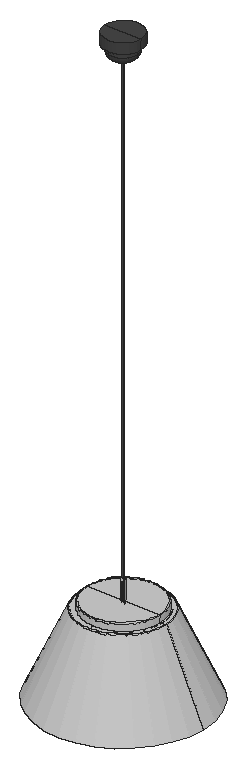
Revit family "Sycamore 12,16,20,24 LED", category Lighting Fixtures, Revit 2020
Family settings
  Round Connector Dimension = Use Diameter
  Part Type = Normal
  OmniClass Number = 23.80.70.00
  OmniClass Title = Lighting
  Work Plane-Based = No
  Always vertical = Yes
  Cut with Voids When Loaded = No
  Light Source = Yes
  Shared = No
  Room Calculation Point = No
Parameters (values of type "MDS24")
  Weight = "6.0 lbs"
  Wattage Comments = "24W"
  Wattage = 2.4 W
  Warranty = "5 year limited warranty"  # constant formula
  built-in parameter 1150110 = 1 (stored number, unit not read)
  Voltage = 277 V
  URL = "https://www.anplighting.com/assets/Uploads/product-attachments/specification-sheets/ANP-Specification-Sheet-LED-MDS24.pdf"
  built-in parameter 1114217 = 1 (stored number, unit not read)
  Tilt Angle = 90.00°
  built-in parameter 1150109 = 1 (stored number, unit not read)
  built-in parameter 1150134 = (empty or 0)
  built-in parameter 1150113 = 1 (stored number, unit not read)
  Mounting Option [instance] = 1
  Power Factor = 1
  Post Mount [instance] = Mounting Option = 5  # no
  Placement X axis side [instance] = if(Post Mount, 2' 2 15/32", if(Cord or Stem Mount, 0' 0", if(E36 20 inch, 1' 8 1/4", if(E 6 26 inch, 2' 2", if(E7 41 inch, 3' 5 1/4", 0' 1")))))  # 0' - 0"
  Photometric Web File = "MDS20M016LD35K.IES"
  Model = "MDS24"
  Manufacturer = "ANP Lighting"  # constant formula
  MDS24 = yes
  MDS20 = no
  MDS16 = no
  MDS12 = no
  built-in parameter 1150105 = 3000 (stored number, unit not read)
  Lumens = 3000 lm
  built-in parameter 1150115 = 1 (stored number, unit not read)
  Load Classification = Lighting
  Light Source Height [instance] = 1' - 2"
  built-in parameter 1150137 = (empty or 0)
  built-in parameter 1150139 = (empty or 0)
  Light Elevation _2 [instance] = if(Post Mount, 0' 0.66142", if(E7 41 inch, 0' 0.66142", if(E36 20 inch, 0' 1.65748", if(E 6 26 inch, 0' 1.53543", if(Cord or Stem Mount, (0' 4.3622" + Cord Length), 0' 0")))))  # 6' - 4.3622"
  Light Elevation _1 [instance] = if(Post Mount, 0' 0", if(E7 41 inch, 0' 0", if(E36 20 inch, 0' 1", if(E 6 26 inch, 0' 0.87402", if(Cord or Stem Mount, (0' 3.66142" + Cord Length), 0' 0")))))  # 6' - 3.66142"
  Light Elevation [instance] = if(Post Mount, 14' 0.5315", if(E7 41 inch, 0' 0", 0' 0"))  # 0' - 0"
  Life = "L70 50,000 hours"  # constant formula
  built-in parameter 1150112 = 1 (stored number, unit not read)
  built-in parameter 1150114 = 1 (stored number, unit not read)
  Lamp = "LED"
  built-in parameter 1150132 = 2
  built-in parameter 1150102 = (empty or 0)
  built-in parameter 1150107 = 3500 (stored number, unit not read)
  built-in parameter 1150138 = (empty or 0)
  built-in parameter 1150106 = 30 (stored number, unit not read)
  GLASS = Glass
  Fixture Height = 1' - 3"
  Fixture Finish = Fixture finish
  Fixture Diameter = 1' - 8"
  Efficiency = "65-125 lumens per watt"  # constant formula
  built-in parameter 1150104 = 116.13 (stored number, unit not read)
  E7 41 inch [instance] = Mounting Option = 4  # no
  E36 20 inch [instance] = Mounting Option = 3  # no
  E 6 26 inch [instance] = Mounting Option = 2  # no
  Dimming Lamp Color Temperature Shift = <None>
  Dimming = "1%"  # constant formula
  Description = "120-277 Voltage"  # constant formula
  Default Elevation = 0' - 0"
  Cord or Stem Mount [instance] = Mounting Option = 1  # yes
  Cord Length option [instance] = 0
  Cord Length [instance] = if([2' Cord], 2' 0", if([4' Cord], 4' 0", if([8' Cord], 8' 0", if([10' Cord], 10' 0", if([6' Cord], 6' 0", 6' 0")))))  # 6' - 0"
  Construction Material = "Heavy Duty spun aluminum."  # constant formula
  Color Filter = 16777215
  CRI = ">90"  # constant formula
  Body Material = body
  Body Colour = "Spun aluminium"  # constant formula
  built-in parameter 1114218 = 1 (stored number, unit not read)
  built-in parameter 1150133 = 10 (stored number, unit not read)
  Apparent Load = 24 VA
  8' Cord [instance] = Cord Length option = 8  # no
  6' Cord [instance] = Cord Length option = 6  # no
  4' Cord [instance] = Cord Length option = 4  # no
  2' Cord [instance] = Cord Length option = 2  # no
  10' Cord [instance] = Cord Length option = 10  # no
Types (5): name | Weight | Wattage Comments | Wattage | URL | Photometric Web File | Model | MDS24 | MDS20 | MDS16 | MDS12 | built-in parameter 1150105 | Lumens | Light Source Height | built-in parameter 1150106 | Fixture Height | Fixture Diameter | Apparent Load
  (no name) | "6.0 lbs" | "24W" | 2.4 W | "https://www.anplighting.com/assets/Uploads/product-attachments/specification-sheets/ANP-Specification-Sheet-LED-MDS24.pdf" | "MDS20M016LD35K.IES" | "MDS24" | yes | no | no | no | 3000 (stored number, unit not read) | 3000 lm | 1' - 2" | 30 (stored number, unit not read) | 1' - 3" | 1' - 8" | 24 VA
  MDS12 | "4.5 lbs" | "10W" | 1 W | "https://www.anplighting.com/assets/Uploads/product-attachments/specification-sheets/ANP-Specification-Sheet-LED-MDS12.pdf" | "MDS12M010LD35K.IES" | "MDS12" | no | no | no | yes | 1250 (stored number, unit not read) | 1250 lm | 0' - 6 3/4" | 12.5 (stored number, unit not read) | 0' - 7 1/2" | 1' - 0" | 10 VA
  MDS16 | "5.0 lbs" | "16W" | 1.6 W | "https://www.anplighting.com/assets/Uploads/product-attachments/specification-sheets/ANP-Specification-Sheet-LED-MDS16.pdf" | "MDS12M010LD35K.IES" | "MDS16" | no | no | yes | no | 2000 (stored number, unit not read) | 2000 lm | 0' - 8 1/4" | 20 (stored number, unit not read) | 0' - 10" | 1' - 4" | 16 VA
  MDS20 | "5.5 lbs" | "16W" | 1.6 W | "https://www.anplighting.com/assets/Uploads/product-attachments/specification-sheets/ANP-Specification-Sheet-LED-MDS20.pdf" | "MDS20M016LD35K.IES" | "MDS20" | no | yes | no | no | 2000 (stored number, unit not read) | 2000 lm | 0' - 11 1/4" | 20 (stored number, unit not read) | 1' - 0 1/2" | 1' - 8" | 16 VA
  MDS24 | "6.0 lbs" | "24W" | 2.4 W | "https://www.anplighting.com/assets/Uploads/product-attachments/specification-sheets/ANP-Specification-Sheet-LED-MDS24.pdf" | "MDS20M016LD35K.IES" | "MDS24" | yes | no | no | no | 3000 (stored number, unit not read) | 3000 lm | 1' - 2" | 30 (stored number, unit not read) | 1' - 3" | 1' - 8" | 24 VA
Reference planes (in)
  plane 1 "Light Source Axis (F/B)": y = 0
  plane 2: z = 0
  plane 3 "Light Source Axis (L/R)": x = 0
  plane 4 "Light Source Elevation": z = 0
  plane 5: z = 0
  plane 6: x = 0
  plane 7 "Bulb Position": z = -76.3622
  plane 8 "Canopy Position": z = -75.66142
  plane 9 "IES": z = -90.3622
Dimensions and locks (in)
  "Light Elevation": plane 5 to plane 2
  "Placement X axis side": plane 6 to plane 3 "Light Source Axis (L/R)"
  "Light Elevation _2": plane 5 to plane 7 "Bulb Position"
  "Light Elevation _1": plane 5 to plane 8 "Canopy Position"
  "Light Source Height": plane 7 "Bulb Position" to plane 9 "IES"
  locked: plane 4 "Light Source Elevation" to plane 2
  aligned and locked: level to plane 2
  aligned and locked: plane 1 "Light Source Axis (F/B)" to nested 5
  aligned and locked: nested 5 to plane 2
  aligned and locked: nested 1 to plane 3 "Light Source Axis (L/R)"
  aligned and locked: plane 3 "Light Source Axis (L/R)" to nested 2
  aligned and locked: plane 3 "Light Source Axis (L/R)" to nested 4
  aligned and locked: nested 3 to plane 5
  aligned and locked: plane 3 "Light Source Axis (L/R)" to nested 3
  aligned and locked: plane 3 "Light Source Axis (L/R)" to nested 5
  aligned and locked: plane 1 "Light Source Axis (F/B)" to nested 2
  aligned and locked: plane 1 "Light Source Axis (F/B)" to nested 1
  aligned and locked: plane 1 "Light Source Axis (F/B)" to nested 4
  aligned and locked: plane 1 "Light Source Axis (F/B)" to nested 3
  aligned and locked: plane 2 to nested 1
  aligned and locked: plane 2 to nested 2
  aligned and locked: nested 4 to plane 2
  aligned and locked: imposter light to plane 9 "IES"
  aligned and locked: imposter light to plane 6
  aligned and locked: nested 6 to plane 8 "Canopy Position"
  aligned and locked: nested 7 to plane 8 "Canopy Position"
  aligned and locked: nested 8 to plane 8 "Canopy Position"
  aligned and locked: nested 9 to plane 8 "Canopy Position"
  aligned and locked: nested 6 to plane 6
  aligned and locked: nested 7 to plane 6
  aligned and locked: nested 8 to plane 6
  aligned and locked: nested 9 to plane 6
Nested families (in)
  nested 1: "CORD OR STEM MOUNT" at (0, 0, -75.67), visible <- "Cord or Stem Mount", Cord or Stem Mount <- "Cord or Stem Mount", Body Material <- "Body Material", Light Elevation <- "Light Elevation", Cord Length <- "Cord Length", 10' Cord <- "10' Cord", 2' Cord <- "2' Cord", 4' Cord <- "4' Cord", 6' Cord <- "6' Cord", 8' Cord <- "8' Cord", type "CORD OR STEM MOUNT"
    with Light Elevation 0' - 0", Cord or Stem Mount yes, Cord Length 6' - 0", Body Material body, 8' Cord no, 6' Cord no, 4' Cord no, 2' Cord no, 10' Cord no
  nested 2: "E6 26 INCH" at (0, 0, 0), visible <- "E 6 26 inch", Chain Length <- "Cord Length", E 6 26 inch <- "E 6 26 inch", Placement X axis side <- "Placement X axis side", Body Material <- "Body Material", Light Elevation <- "Light Elevation", type "E6 26 INCH"
    with Placement X axis side 0' - 0", Light Elevation 0' - 0", E 6 26 inch no, Chain Length 6' - 0", Body Material body
  nested 3: "E7 41 INCH" at (0, 0, 0), Chain Length <- "Cord Length", visible <- "E7 41 inch", E7 41 inch <- "E7 41 inch", Placement X axis side <- "Placement X axis side", Body Material <- "Body Material", Light Elevation <- "Light Elevation", type "E7 41 INCH"
    with Placement X axis side 0' - 0", Light Elevation 0' - 0", E7 41 inch no, Chain Length 6' - 0", Body Material body
  nested 4: "E36 20 INCH" at (0, 0, 0), visible <- "E36 20 inch", E36 20 inch <- "E36 20 inch", Placement X axis side <- "Placement X axis side", Chain Length <- "Cord Length", Body Material <- "Body Material", Light Elevation <- "Light Elevation", type "E36 20 INCH"
    with Placement X axis side 0' - 0", Light Elevation 0' - 0", E36 20 inch no, Chain Length 6' - 0", Body Material body
  nested 5: "POST MOUNT" at (0, 0, 0), visible <- "Post Mount", Post Mount <- "Post Mount", Placement X axis side <- "Placement X axis side", Chain Length <- "Cord Length", Body Material <- "Body Material", Light Elevation <- "Light Elevation", type "POST MOUNT"
    with Post Mount no, Placement X axis side 0' - 0", Light Elevation 0' - 0", Chain Length 6' - 0", Body Material body
  nested 6: "MDS12" at (0, 0, -75.66142), Light Elevation <- "Light Elevation", Body <- "Fixture Finish", MDS12 <- "MDS12", visible <- "MDS12", GLASS <- "GLASS", type "MDS12"
    with MDS12 no, Light Elevation 0' - 0", GLASS Glass, Body Fixture finish
  nested 7: "MDS16" at (0, 0, -75.66142), Light Elevation <- "Light Elevation", Body <- "Fixture Finish", MDS16 <- "MDS16", visible <- "MDS16", GLASS <- "GLASS", type "MDS16"
    with MDS16 no, Light Elevation 0' - 0", GLASS Glass, Body Fixture finish
  nested 8: "MDS20" at (0, 0, -75.66142), Light Elevation <- "Light Elevation", Body <- "Fixture Finish", MDS20 <- "MDS20", visible <- "MDS20", GLASS <- "GLASS", type "MDS20"
    with MDS20 no, Light Elevation 0' - 0", GLASS Glass, Body Fixture finish
  nested 9: "MDS24" at (0, 0, -75.66142), Light Elevation <- "Light Elevation", Body <- "Fixture Finish", GLASS <- "GLASS", visible <- "MDS24", MDS24 <- "MDS24", type "MDS24"
    with MDS24 yes, Light Elevation 0' - 0", GLASS Glass, Body Fixture finish
Definition of nested family "CORD OR STEM MOUNT"
  Parameters (values of type "CORD OR STEM MOUNT")
    URL = ""
    Model = ""
    Manufacturer = ""
    Light Elevation [instance] = 1' - 7.69"
    Default Elevation = 0' - 0"
    Cord or Stem Mount [instance] = yes
    Cord Length [instance] = 6' - 0"
    Body Material [instance] = none
    8' Cord [instance] = no
    6' Cord [instance] = no
    4' Cord [instance] = no
    2' Cord [instance] = no
    10' Cord [instance] = no
  Reference planes (in)
    plane 1 "Light Source Axis (F/B)": y = 0
    plane 2: z = 0
    plane 3 "Light Source Axis (L/R)": x = 0
    plane 4 "Light Source Elevation": z = 23.125
    plane 5: z = 91.69
    plane 6: z = 19.69
  Forms (in)
    Extrusion 1, void, not visible
      sketch origin (0, 0, 2.38154) x (1, 0, 0) y (0, 0, 1)
        loop
          circle (0, 4.59925) r 0.16583
      from 1.18594 to 1.75
    Extrusion 2, void, not visible
      sketch origin (0, 0, 2.38154) x (0.707107, -0.707107, 0) y (0, 0, 1)
        loop
          circle (0, 4.59925) r 0.16583
      from 1.18594 to 1.75
    Extrusion 3, void, not visible
      sketch origin (0, 0, 2.38154) x (0.707107, 0.707107, 0) y (0, 0, 1)
        loop
          circle (0, 4.59925) r 0.16583
      from 1.18594 to 1.75
    Extrusion 4, void, not visible
      sketch origin (0, 0, 2.38154) x (0, 1, 0) y (0, 0, 1)
        loop
          circle (0, 4.59925) r 0.16583
      from 1.18594 to 1.75
    Extrusion 5, void, not visible
      sketch origin (0, 0, 2.38154) x (-0.707107, 0.707107, 0) y (0, 0, 1)
        loop
          circle (0, 4.59925) r 0.16583
      from 1.18594 to 1.75
    Extrusion 6, void, not visible
      sketch origin (0, 0, 2.38154) x (-1, 0, 0) y (0, 0, 1)
        loop
          circle (0, 4.59925) r 0.20678
      from 1.18594 to 1.75
    Extrusion 7, void, not visible
      sketch origin (0, 0, 2.38154) x (-0.707107, -0.707107, 0) y (0, 0, 1)
        loop
          circle (0, 4.59925) r 0.16583
      from 1.18594 to 1.75
    Extrusion 8, void, not visible
      sketch origin (0, 0, 2.38154) x (0, -1, 0) y (0, 0, 1)
        loop
          circle (0, 4.59925) r 0.16583
      from 1.18594 to 1.75
    Revolve 9, solid, material <- "Body Material", visible <- "Cord or Stem Mount"
      sketch origin (0, 0, 174.56698) x (1, 0, 0) y (0, 0, 1)
        loop
          line (2.6875, -79.20698) -> (0, -79.20698) -> (0, -82.87698) -> (0.125, -82.87698) -> (0.125, -82.83698) -> (0.75, -82.83698)
          arc (0.75, -82.83698) -> (0.81694, -82.77004) -> (0.75, -82.7031) r 0.06694
          line (0.75, -82.7031) -> (0.89763, -82.7031) -> (1.00223, -82.5985) -> (1.06587, -82.5985)
          arc (1.06587, -82.5985) -> (1.80099, -82.29401) -> (2.10549, -81.55888) r 1.03962
          line (2.10549, -81.55888) -> (2.10549, -81.03899)
          arc (2.10549, -81.03899) -> (2.12951, -80.981) -> (2.1875, -80.95698) r 0.08201
          line (2.1875, -80.95698) -> (2.1875, -80.70698) -> (2.6875, -80.70698) -> (2.6875, -79.20698)
        axis (0, -79.20698) -> (0, -82.87698)
      angle from 0 to 360
    Revolve 10, solid, material <- "Body Material", visible <- "Cord or Stem Mount"
      sketch origin (0, 0, 0) x (1, 0, 0) y (0, 0, 1)
        loop
          line (0, 91.69) -> (-0.125, 91.69) -> (-0.125, 19.69) -> (0, 19.69) -> (0, 91.69)
        axis (0, 19.69) -> (0, 91.69)
      angle from 0 to 360
  Dimensions and locks (in)
    "Light Elevation": plane 6 to plane 2
    "Cord Length": plane 5 to plane 6
    locked: Revolve 10 sketch curve to Revolve 10 sketch curve at 0.125
    aligned and locked: level to plane 2
    aligned and locked: Revolve 10 sketch curve to plane 3 "Light Source Axis (L/R)"
    aligned and locked: Revolve 10 sketch curve to plane 6
    aligned and locked: Revolve 10 sketch curve to plane 5
    aligned and locked: plane 3 "Light Source Axis (L/R)" to Revolve 10 sketch curve
  Automatic sketch dimensions
    Revolve 9 sketch curve to plane 3 "Light Source Axis (L/R)" = 0' - 0"  (x2)
    Revolve 9 sketch curve to plane 5 = 0' - 0"
    plane 3 "Light Source Axis (L/R)" to Revolve 9 sketch curve = 0' - 0 1/8"
    Revolve 9 sketch curve to plane 5 = 0' - 0.17388"
    Revolve 9 sketch curve to Revolve 9 sketch curve = 0' - 0 5/8"
    Revolve 9 sketch curve to Revolve 9 sketch curve = 0' - 0.14763"
    Revolve 9 sketch curve to plane 5 = 0' - 0.27847"
    Revolve 9 sketch curve to Revolve 9 sketch curve = 0' - 0.1046"
    Revolve 9 sketch curve to Revolve 9 sketch curve = 0' - 0.06364"
    Revolve 9 sketch curve to Revolve 9 sketch curve = 0' - 1.03962"
    Revolve 9 sketch curve to Revolve 9 sketch curve = 0' - 0 21/256"
    Revolve 9 sketch curve to Revolve 9 sketch curve = 0' - 0 1/2"  (x2)
    Revolve 9 sketch curve to Revolve 9 sketch curve = 0' - 0.51989"
    Revolve 9 sketch curve to Revolve 9 sketch curve = 0' - 0 1/4"
    Revolve 9 sketch curve to Revolve 9 sketch curve = 0' - 2.3519"
    Revolve 9 sketch curve to Revolve 9 sketch curve = 0' - 1 1/4"
    Revolve 9 sketch curve to Revolve 9 sketch curve = 0' - 0.04"
    Revolve 10 sketch curve to Revolve 10 sketch curve = 0' - 0 1/2"
    Revolve 10 sketch curve to Revolve 10 sketch curve = 0' - 0.42345"
Definition of nested family "MDS24"
  Parameters (values of type "MDS24")
    MDS24 [instance] = yes
    Light Elevation [instance] = 0' - 0"
    GLASS [instance] = none
    Default Elevation = 0' - 0"
    Body [instance] = none
  Reference planes (in)
    plane 1 "Center (Front/Back)": y = 0
    plane 2: z = 0
    plane 3 "Center (Left/Right)": x = 0
    plane 4: z = 0
  Dimensions and locks (in)
    "Light Elevation": plane 4 to plane 2
    aligned and locked: plane 2 to level
    aligned and locked: plane 3 "Center (Left/Right)" to nested 1
    aligned and locked: plane 1 "Center (Front/Back)" to nested 1
    aligned and locked: nested 1 to plane 4
  Nested families (in)
    nested 1: "SYCAMORE-MDS24" at (0, 0, -15), Body <- "Body", GLASS <- "GLASS", MDS24 <- "MDS24", visible <- "MDS24", type "SYCAMORE-MDS24"
      with MDS24 yes, GLASS none, Body none
  Definition of nested family "SYCAMORE-MDS24"
    Parameters (values of type "SYCAMORE-MDS24")
      MDS24 [instance] = yes
      GLASS [instance] = none
      Default Elevation = 0' - 0"
      Body [instance] = none
    Reference planes (in)
      plane 1 "Center (Front/Back)": y = 0
      plane 2: z = 0
      plane 3 "Center (Left/Right)": x = 0
    Forms (in)
      Revolve 1, solid, material <- "GLASS", visible <- "MDS24"
        sketch origin (0, 0, 0) x (1, 0, 0) y (0, 0, 1)
          loop
            line (-8, 0) -> (-8, 0.08) -> (-8.375, 0.08)
            arc (-8.375, 0.08) -> (-8.40081, 0.08814) -> (-8.41729, 0.10961) r 0.045
            line (-8.41729, 0.10961) -> (-9.47926, 3.02736) -> (-9.55444, 3) -> (-8.49246, 0.08225)
            arc (-8.49246, 0.08225) -> (-8.4467, 0.02261) -> (-8.375, 0) r 0.125
            line (-8.375, 0) -> (-8, 0)
          axis (0, 0) -> (0, 3.02736)
        angle from 0 to 360
      Revolve 2, solid, material <- "Body", visible <- "MDS24"
        sketch origin (0, 0, 0) x (1, 0, 0) y (0, 0, 1)
          loop
            line (-12, 2) -> (-11.91173, 2) -> (-6.36546, 13.89402)
            arc (-6.36546, 13.89402) -> (-6.34885, 13.91295) -> (-6.32467, 13.92) r 0.045
            line (-6.32467, 13.92) -> (-5.75, 13.92) -> (-5.53, 13.92) -> (-5.53, 14) -> (-6.32467, 14)
            arc (-6.32467, 14) -> (-6.39184, 13.98042) -> (-6.43796, 13.92783) r 0.125
            line (-6.43796, 13.92783) -> (-12, 2)
          axis (0, 2) -> (0, 14)
        angle from 0 to 360
      Revolve 3, solid, material <- "Body", visible <- "MDS24"
        sketch origin (0, 0, 0) x (1, 0, 0) y (0, 0, 1)
          loop
            line (-0.25, 14.92) -> (-0.25, 15) -> (-5.39, 15)
            arc (-5.39, 15) -> (-5.46778, 14.96778) -> (-5.5, 14.89) r 0.11
            line (-5.5, 14.89) -> (-5.5, 13.92) -> (-5.75, 13.92) -> (-5.75, 13.84) -> (-5.5, 13.84)
            arc (-5.5, 13.84) -> (-5.44343, 13.86343) -> (-5.42, 13.92) r 0.08
            line (-5.42, 13.92) -> (-5.42, 14.89)
            arc (-5.42, 14.89) -> (-5.41121, 14.91121) -> (-5.39, 14.92) r 0.03
            line (-5.39, 14.92) -> (-0.25, 14.92)
          axis (0, 13.84) -> (0, 15)
        angle from 0 to 360
      Revolve 4, solid, material <- "Body", visible <- "MDS24"
        sketch origin (0, 0, 0) x (1, 0, 0) y (0, 0, 1)
          loop
            line (-0.25, 14.5) -> (-0.125, 14.5) -> (-0.125, 18) -> (-0.25, 18) -> (-0.25, 14.5)
          axis (0, 14.5) -> (0, 18)
        angle from 0 to 360
      Revolve 5, solid, material <- "GLASS", visible <- "MDS24"
        sketch origin (0, 0, 0) x (1, 0, 0) y (0, 0, 1)
          loop
            line (-8.25, 0.08) -> (0, 0.08) -> (0, 0.1425) -> (-8.25, 0.1425) -> (-8.25, 0.08)
          axis (0, 0.08) -> (0, 0.1425)
        angle from 0 to 360
    Dimensions and locks (in)
      aligned and locked: plane 2 to level
Definition of nested family "E6 26 INCH"
  Parameters (values of type "E6 26 INCH")
    URL = ""
    Placement X axis side [instance] = 2' - 2"
    Model = ""
    Manufacturer = ""
    Light Elevation [instance] = 8' - 4"
    E 6 26 inch [instance] = yes
    Default Elevation = 0' - 0"
    Chain Length [instance] = 0' - 0"
    Body Material [instance] = none
  Reference planes (in)
    plane 1 "Light Source Axis (F/B)": y = 0
    plane 2: z = 0
    plane 3 "Light Source Axis (L/R)": x = 0
    plane 4 "Light Source Elevation": z = 23.125
    plane 5: z = 100
    plane 6: x = -26
    plane 7: z = 99.125
    plane 8: x = -24.12
    plane 9: x = -25.5474
  Forms (in)
    Extrusion 1, void, not visible
      sketch origin (0, 0, 2.38154) x (1, 0, 0) y (0, 0, 1)
        loop
          circle (0, 4.59925) r 0.16583
      from 1.18594 to 1.75
    Extrusion 2, void, not visible
      sketch origin (0, 0, 2.38154) x (0.707107, -0.707107, 0) y (0, 0, 1)
        loop
          circle (0, 4.59925) r 0.16583
      from 1.18594 to 1.75
    Extrusion 3, void, not visible
      sketch origin (0, 0, 2.38154) x (0.707107, 0.707107, 0) y (0, 0, 1)
        loop
          circle (0, 4.59925) r 0.16583
      from 1.18594 to 1.75
    Extrusion 4, void, not visible
      sketch origin (0, 0, 2.38154) x (0, 1, 0) y (0, 0, 1)
        loop
          circle (0, 4.59925) r 0.16583
      from 1.18594 to 1.75
    Extrusion 5, void, not visible
      sketch origin (0, 0, 2.38154) x (-0.707107, 0.707107, 0) y (0, 0, 1)
        loop
          circle (0, 4.59925) r 0.16583
      from 1.18594 to 1.75
    Extrusion 6, void, not visible
      sketch origin (0, 0, 2.38154) x (-1, 0, 0) y (0, 0, 1)
        loop
          circle (0, 4.59925) r 0.20678
      from 1.18594 to 1.75
    Extrusion 7, void, not visible
      sketch origin (0, 0, 2.38154) x (-0.707107, -0.707107, 0) y (0, 0, 1)
        loop
          circle (0, 4.59925) r 0.16583
      from 1.18594 to 1.75
    Extrusion 8, void, not visible
      sketch origin (0, 0, 2.38154) x (0, -1, 0) y (0, 0, 1)
        loop
          circle (0, 4.59925) r 0.16583
      from 1.18594 to 1.75
    Sweep 9, solid, material <- "Body Material", visible <- "E 6 26 inch"
      path origin (-41.25, 0, 168.51693) x (1, 0, 0) y (0, 0, 1)
        loop
          line (17.13, -68.51693) -> (27.68551, -68.51693)
          arc (27.68551, -68.51693) -> (28.47996, -68.34486) -> (29.13202, -67.8595) r 1.92004
          line (29.13202, -67.8595) -> (34.23651, -62.01155)
          arc (34.23651, -62.01155) -> (38.65464, -60.89667) -> (41.25, -64.64193) r 4
          line (41.25, -64.64193) -> (41.25, -69.39193)
      profile origin (-18.84224, 0, 100) x (0, 0, 1) y (0, -1, 0)
        loop
          circle (0, 0) r 0.5
    Revolve 10, solid, material <- "Body Material", visible <- "E 6 26 inch"
      sketch origin (-26, 0, 168.51693) x (1, 0, 0) y (0, 0, 1)
        loop
          line (0, -66.07943) -> (0, -68.51693) -> (1.88, -68.51693) -> (1.88, -67.69272) -> (0.4526, -67.69272) -> (0.4526, -66.54122) -> (0.33125, -66.54122) -> (0.33125, -66.07943) -> (0, -66.07943)
        axis (0, -68.51693) -> (1.88, -68.51693)
      angle from 0 to 360
    Extrusion 11, solid, material <- "Body Material", visible <- "E 6 26 inch"
      sketch origin (-26, 0, 168.51693) x (0, -1, 0) y (0, 0, -1)
        loop
          line (0.25, 68.51693) -> (0.25, 69.51693) -> (-0.25, 69.51693) -> (-0.25, 68.51693) -> (0.25, 68.51693)
      from 0.4526 to 1.88
  Cuts and joins
    joined: Revolve 10, Extrusion 11
  Dimensions and locks (in)
    "Light Elevation": plane 5 to plane 2
    "Placement X axis side": plane 3 "Light Source Axis (L/R)" to plane 6
    locked: plane 5 to plane 7 at 0.875
    Revolve 10 sketch curve to Revolve 10 sketch curve to Revolve 10 sketch curve to plane 6 = 0' - 1.4274" locked, 0' - 0.12135" locked, 0' - 0.33125" locked
    Revolve 10 sketch curve to Revolve 10 sketch curve to Revolve 10 sketch curve to plane 5 = 0' - 0.46179" locked, 0' - 1.1515" locked, 0' - 0 211/256" locked
    locked: Sweep 9 sketch curve to plane 6 at 1.88
    locked: Sweep 9 sketch curve to Sweep 9 sketch curve at 10.55551
    locked: Sweep 9 sketch curve to Sweep 9 sketch curve at 13.56449
    locked: Sweep 9 sketch curve to Sweep 9 sketch curve at 4.75
    locked: plane 9 to plane 6 at 0.4526
    locked: plane 8 to plane 9 at 1.4274
    aligned and locked: level to plane 2
    aligned and locked: Revolve 10 sketch curve to plane 6
    aligned and locked: plane 5 to Revolve 10 sketch curve
    aligned and locked: Revolve 10 sketch curve to plane 5
    aligned and locked: cut or joined group of Revolve 10, Extrusion 11 to plane 9
    aligned and locked: plane 8 to cut or joined group of Revolve 10, Extrusion 11
  Automatic sketch dimensions
    Sweep 9 sketch curve to plane 5 = 0' - 0"
    Sweep 9 sketch curve to Sweep 9 sketch curve = 0' - 4"
    Sweep 9 sketch curve to Sweep 9 sketch curve = 0' - 3.01349"
    plane 5 to Sweep 9 sketch curve = 0' - 0.65743"
    Sweep 9 sketch curve to Sweep 9 sketch curve = 0' - 1.4465"
    Sweep 9 sketch curve to plane 5 = 0' - 0 7/8"
    profile plane to Sweep 9 sketch curve = 0' - 0"
    Sweep 9 sketch curve to profile plane = 0' - 0"
    plane 6 to Revolve 10 sketch curve = 0' - 0.62562"
    Revolve 10 sketch curve to Revolve 10 sketch curve = 0' - 0 1/2"
    Extrusion 11 sketch curve to plane 5 = 0' - 0"
    plane 1 "Light Source Axis (F/B)" to Extrusion 11 sketch curve = 0' - 0 1/4"
    Extrusion 11 sketch curve to plane 1 "Light Source Axis (F/B)" = 0' - 0 1/4"
    plane 5 to Extrusion 11 sketch curve = 0' - 1"
    radius of Sweep 9 sketch curve = 0' - 0 1/2"
Definition of nested family "E7 41 INCH"
  Parameters (values of type "E7 41 INCH")
    URL = ""
    Placement X axis side [instance] = 4' - 2"
    Model = ""
    Manufacturer = ""
    Light Elevation [instance] = 8' - 4"
    E7 41 inch [instance] = yes
    Default Elevation = 0' - 0"
    Chain Length [instance] = 0' - 0"
    Body Material [instance] = none
  Reference planes (in)
    plane 1 "Light Source Axis (F/B)": y = 0
    plane 2: z = 0
    plane 3 "Light Source Axis (L/R)": x = 0
    plane 4 "Light Source Elevation": z = 23.125
    plane 5: z = 100
    plane 6: x = -50
  Forms (in)
    Extrusion 1, void, not visible
      sketch origin (0, 0, 2.38154) x (1, 0, 0) y (0, 0, 1)
        loop
          circle (0, 4.59925) r 0.16583
      from 1.18594 to 1.75
    Extrusion 2, void, not visible
      sketch origin (0, 0, 2.38154) x (0.707107, -0.707107, 0) y (0, 0, 1)
        loop
          circle (0, 4.59925) r 0.16583
      from 1.18594 to 1.75
    Extrusion 3, void, not visible
      sketch origin (0, 0, 2.38154) x (0.707107, 0.707107, 0) y (0, 0, 1)
        loop
          circle (0, 4.59925) r 0.16583
      from 1.18594 to 1.75
    Extrusion 4, void, not visible
      sketch origin (0, 0, 2.38154) x (0, 1, 0) y (0, 0, 1)
        loop
          circle (0, 4.59925) r 0.16583
      from 1.18594 to 1.75
    Extrusion 5, void, not visible
      sketch origin (0, 0, 2.38154) x (-0.707107, 0.707107, 0) y (0, 0, 1)
        loop
          circle (0, 4.59925) r 0.16583
      from 1.18594 to 1.75
    Extrusion 6, void, not visible
      sketch origin (0, 0, 2.38154) x (-1, 0, 0) y (0, 0, 1)
        loop
          circle (0, 4.59925) r 0.20678
      from 1.18594 to 1.75
    Extrusion 7, void, not visible
      sketch origin (0, 0, 2.38154) x (-0.707107, -0.707107, 0) y (0, 0, 1)
        loop
          circle (0, 4.59925) r 0.16583
      from 1.18594 to 1.75
    Extrusion 8, void, not visible
      sketch origin (0, 0, 2.38154) x (0, -1, 0) y (0, 0, 1)
        loop
          circle (0, 4.59925) r 0.16583
      from 1.18594 to 1.75
    Revolve 9, solid, material <- "Body Material", visible <- "E7 41 inch"
      sketch origin (-41.25, 0, 168.39193) x (1, 0, 0) y (0, 0, 1)
        loop
          line (-8.75, -66.20443) -> (-8.75, -68.51693) -> (-6.87, -68.51693) -> (-6.87, -67.69272) -> (-8.2974, -67.69272) -> (-8.2974, -66.54122) -> (-8.41875, -66.54122) -> (-8.41875, -66.20443) -> (-8.75, -66.20443)
        axis (-8.75, -68.51693) -> (-6.87, -68.51693)
      angle from 0 to 360
    Extrusion 10, solid, material <- "Body Material", visible <- "E7 41 inch"
      sketch origin (-41.25, 0, 168.39193) x (0, -1, 0) y (0, 0, -1)
        loop
          line (0.25, 68.51693) -> (0.25, 69.51693) -> (-0.25, 69.51693) -> (-0.25, 68.51693) -> (0.25, 68.51693)
      from -8.2974 to -6.87
    Sweep 11, solid, material <- "Body Material", visible <- "E7 41 inch"
      path origin (-41.25, 0, 168.39193) x (1, 0, 0) y (0, 0, 1)
        loop
          line (-6.87, -68.51693) -> (16.04011, -68.51693)
          arc (16.04011, -68.51693) -> (17.864, -68.13651) -> (19.38375, -67.0587) r 4.5625
          line (19.38375, -67.0587) -> (24.70217, -61.33018)
          arc (24.70217, -61.33018) -> (29.64465, -60.20324) -> (32.5, -64.39193) r 4.5
          line (32.5, -64.39193) -> (32.5, -68.39193)
      profile origin (-36.66494, 0, 99.875) x (0, 0, 1) y (0, -1, 0)
        loop
          circle (0, 0) r 0.5
  Dimensions and locks (in)
    "Placement X axis side": plane 3 "Light Source Axis (L/R)" to plane 6
    "Light Elevation": plane 5 to plane 2
    locked: Revolve 9 sketch curve to Revolve 9 sketch curve at 0.33125
    locked: Revolve 9 sketch curve to Revolve 9 sketch curve at 0.4526
    locked: Revolve 9 sketch curve to Revolve 9 sketch curve at 1.88
    locked: Revolve 9 sketch curve to Revolve 9 sketch curve at 0.82421
    locked: Revolve 9 sketch curve to Revolve 9 sketch curve at 1.1515
    locked: Revolve 9 sketch curve to Revolve 9 sketch curve at 0.33679
    locked: plane 5 to Revolve 9 sketch curve at 0.125
    locked: Extrusion 10 sketch curve to Extrusion 10 sketch curve at 0.5
    locked: Extrusion 10 sketch curve to Extrusion 10 sketch curve at 1
    locked: plane 5 to Extrusion 10 sketch curve at 0.125
    locked: plane 5 to Sweep 11 sketch curve at 0.125
    locked: Sweep 11 sketch curve to Sweep 11 sketch curve at 39.37
    locked: Sweep 11 sketch curve to Sweep 11 sketch curve at 4
    locked: plane 6 to Extrusion 10 at 0.4526
    locked: Sweep 11 sketch curve to plane 6 at 1.88
    locked: Extrusion 10 to Extrusion 10 at 1.4274
    aligned and locked: plane 2 to level
    aligned and locked: Revolve 9 sketch curve to plane 6
  Automatic sketch dimensions
    Revolve 9 sketch curve to plane 5 = 0' - 0 1/8"
    plane 6 to Revolve 9 sketch curve = 0' - 0.62562"
    Revolve 9 sketch curve to Revolve 9 sketch curve = 0' - 0 1/2"
    plane 1 "Light Source Axis (F/B)" to Extrusion 10 sketch curve = 0' - 0 1/4"
    Sweep 11 sketch curve to plane 5 = 0' - 0"
    Sweep 11 sketch curve to Sweep 11 sketch curve = 0' - 4 1/2"
    Sweep 11 sketch curve to Sweep 11 sketch curve = 0' - 3.29783"
    plane 5 to Sweep 11 sketch curve = 0' - 1.33323"
    Sweep 11 sketch curve to Sweep 11 sketch curve = 0' - 5.31842"
    Sweep 11 sketch curve to Sweep 11 sketch curve = 0' - 3.34364"
    profile plane to Sweep 11 sketch curve = 0' - 0"
    Sweep 11 sketch curve to profile plane = 0' - 0"
    radius of Sweep 11 sketch curve = 0' - 0 1/2"
Definition of nested family "E36 20 INCH"
  Parameters (values of type "E36 20 INCH")
    URL = ""
    Placement X axis side [instance] = 1' - 8 1/4"
    Model = ""
    Manufacturer = ""
    Light Elevation [instance] = 8' - 4"
    E36 20 inch [instance] = yes
    Default Elevation = 0' - 0"
    Chain Length [instance] = 0' - 0"
    Body Material [instance] = none
  Reference planes (in)
    plane 1 "Light Source Axis (F/B)": y = 0
    plane 2: z = 0
    plane 3 "Light Source Axis (L/R)": x = 0
    plane 4 "Light Source Elevation": z = 23.125
    plane 5: z = 99
    plane 6: x = -20.25
    plane 7: z = 100
    plane 8: x = -18.37008
    plane 9: x = -19.79724
  Forms (in)
    Extrusion 1, void, not visible
      sketch origin (0, 0, 2.38154) x (1, 0, 0) y (0, 0, 1)
        loop
          circle (0, 4.59925) r 0.16583
      from 1.18594 to 1.75
    Extrusion 2, void, not visible
      sketch origin (0, 0, 2.38154) x (0.707107, -0.707107, 0) y (0, 0, 1)
        loop
          circle (0, 4.59925) r 0.16583
      from 1.18594 to 1.75
    Extrusion 3, void, not visible
      sketch origin (0, 0, 2.38154) x (0.707107, 0.707107, 0) y (0, 0, 1)
        loop
          circle (0, 4.59925) r 0.16583
      from 1.18594 to 1.75
    Extrusion 4, void, not visible
      sketch origin (0, 0, 2.38154) x (0, 1, 0) y (0, 0, 1)
        loop
          circle (0, 4.59925) r 0.16583
      from 1.18594 to 1.75
    Extrusion 5, void, not visible
      sketch origin (0, 0, 2.38154) x (-0.707107, 0.707107, 0) y (0, 0, 1)
        loop
          circle (0, 4.59925) r 0.16583
      from 1.18594 to 1.75
    Extrusion 6, void, not visible
      sketch origin (0, 0, 2.38154) x (-1, 0, 0) y (0, 0, 1)
        loop
          circle (0, 4.59925) r 0.20678
      from 1.18594 to 1.75
    Extrusion 7, void, not visible
      sketch origin (0, 0, 2.38154) x (-0.707107, -0.707107, 0) y (0, 0, 1)
        loop
          circle (0, 4.59925) r 0.16583
      from 1.18594 to 1.75
    Extrusion 8, void, not visible
      sketch origin (0, 0, 2.38154) x (0, -1, 0) y (0, 0, 1)
        loop
          circle (0, 4.59925) r 0.16583
      from 1.18594 to 1.75
    Sweep 9, solid, material <- "Body Material", visible <- "E36 20 inch"
      path origin (-41.25, 0, 169.51693) x (1, 0, 0) y (0, 0, 1)
        loop
          line (22.88, -69.51693) -> (28.93827, -69.51693)
          arc (28.93827, -69.51693) -> (29.97705, -69.28152) -> (30.81284, -68.62128) r 2.40953
          line (30.81284, -68.62128) -> (34.13807, -64.50378)
          arc (34.13807, -64.50378) -> (38.58272, -63.24548) -> (41.25, -67.01693) r 4
          line (41.25, -67.01693) -> (41.25, -70.51693)
      profile origin (-15.34086, 0, 100) x (0, 0, 1) y (0, -1, 0)
        loop
          circle (0, 0) r 0.5
    Revolve 10, solid, material <- "Body Material", visible <- "E36 20 inch"
      sketch origin (-20.25, 0, 169.51693) x (1, 0, 0) y (0, 0, 1)
        loop
          line (0, -67.20443) -> (0, -69.51693) -> (1.88, -69.51693) -> (1.88, -68.69272) -> (0.4526, -68.69272) -> (0.4526, -67.54122) -> (0.33125, -67.54122) -> (0.33125, -67.20443) -> (0, -67.20443)
        axis (0, -69.51693) -> (1.88, -69.51693)
      angle from 0 to 360
    Extrusion 11, solid, material <- "Body Material", visible <- "E36 20 inch"
      sketch origin (-20.25, 0, 169.51693) x (0, -1, 0) y (0, 0, -1)
        loop
          line (0.25, 69.51693) -> (0.25, 70.51693) -> (-0.25, 70.51693) -> (-0.25, 69.51693) -> (0.25, 69.51693)
      from 1.87992 to 0.45276
  Cuts and joins
    joined: Revolve 10, Extrusion 11
  Dimensions and locks (in)
    "Light Elevation": plane 7 to plane 2
    "Placement X axis side": plane 3 "Light Source Axis (L/R)" to plane 6
    locked: plane 7 to plane 5 at 1
    Revolve 10 sketch curve to Revolve 10 sketch curve to Revolve 10 sketch curve to plane 7 = 0' - 0.33679" locked, 0' - 1.1515" locked, 0' - 0 211/256" locked
    locked: Sweep 9 sketch curve to plane 6 at 1.88
    locked: Sweep 9 sketch curve to Sweep 9 sketch curve at 6.05827
    locked: Sweep 9 sketch curve to Sweep 9 sketch curve at 12.31173
    locked: Sweep 9 sketch curve to Sweep 9 sketch curve at 3.5
    Revolve 10 sketch curve to Revolve 10 sketch curve to Revolve 10 sketch curve to plane 6 = 0' - 1.4274" locked, 0' - 0.12135" locked, 0' - 0.33125" locked
    locked: plane 9 to plane 6 at 0.45276
    locked: plane 8 to plane 9 at 1.42717
    aligned and locked: level to plane 2
    aligned and locked: plane 7 to Revolve 10 sketch curve
    aligned and locked: Revolve 10 sketch curve to plane 7
    aligned and locked: Revolve 10 sketch curve to plane 6
    aligned and locked: cut or joined group of Revolve 10, Extrusion 11 to plane 9
    aligned and locked: plane 8 to cut or joined group of Revolve 10, Extrusion 11
  Automatic sketch dimensions
    Sweep 9 sketch curve to plane 7 = 0' - 0"
    Sweep 9 sketch curve to plane 5 = 0' - 0"
    Sweep 9 sketch curve to Sweep 9 sketch curve = 0' - 4"
    Sweep 9 sketch curve to plane 7 = 0' - 0.89565"
    Sweep 9 sketch curve to Sweep 9 sketch curve = 0' - 3.32523"
    Sweep 9 sketch curve to Sweep 9 sketch curve = 0' - 1.87457"
    profile plane to Sweep 9 sketch curve = 0' - 0"
    Sweep 9 sketch curve to profile plane = 0' - 0"
    plane 6 to Revolve 10 sketch curve = 0' - 0.62562"
    Revolve 10 sketch curve to Revolve 10 sketch curve = 0' - 0 1/2"
    plane 7 to Extrusion 11 sketch curve = 0' - 0"
    Extrusion 11 sketch curve to plane 5 = 0' - 0"
    plane 1 "Light Source Axis (F/B)" to Extrusion 11 sketch curve = 0' - 0 1/4"
    Extrusion 11 sketch curve to plane 1 "Light Source Axis (F/B)" = 0' - 0 1/4"
    radius of Sweep 9 sketch curve = 0' - 0 1/2"
Definition of nested family "POST MOUNT"
  Parameters (values of type "POST MOUNT")
    URL = ""
    Post Mount [instance] = yes
    Placement X axis side [instance] = 2' - 2 1/2"
    Model = ""
    Manufacturer = ""
    Light Elevation [instance] = 14' - 0.5168"
    Default Elevation = 0' - 0"
    Chain Length [instance] = 0' - 0"
    Body Material [instance] = none
  Reference planes (in)
    plane 1 "Light Source Axis (F/B)": y = 0
    plane 2: z = 0
    plane 3 "Light Source Axis (L/R)": x = 0
    plane 4 "Light Source Elevation": z = 23.125
    plane 5: x = -26.5
    plane 6: z = 168.5168
  Forms (in)
    Extrusion 1, void, not visible
      sketch origin (0, 0, 2.38154) x (1, 0, 0) y (0, 0, 1)
        loop
          circle (0, 4.59925) r 0.16583
      from 1.18594 to 1.75
    Extrusion 2, void, not visible
      sketch origin (0, 0, 2.38154) x (0.707107, -0.707107, 0) y (0, 0, 1)
        loop
          circle (0, 4.59925) r 0.16583
      from 1.18594 to 1.75
    Extrusion 3, void, not visible
      sketch origin (0, 0, 2.38154) x (0.707107, 0.707107, 0) y (0, 0, 1)
        loop
          circle (0, 4.59925) r 0.16583
      from 1.18594 to 1.75
    Extrusion 4, void, not visible
      sketch origin (0, 0, 2.38154) x (0, 1, 0) y (0, 0, 1)
        loop
          circle (0, 4.59925) r 0.16583
      from 1.18594 to 1.75
    Extrusion 5, void, not visible
      sketch origin (0, 0, 2.38154) x (-0.707107, 0.707107, 0) y (0, 0, 1)
        loop
          circle (0, 4.59925) r 0.16583
      from 1.18594 to 1.75
    Extrusion 6, void, not visible
      sketch origin (0, 0, 2.38154) x (-1, 0, 0) y (0, 0, 1)
        loop
          circle (0, 4.59925) r 0.20678
      from 1.18594 to 1.75
    Extrusion 7, void, not visible
      sketch origin (0, 0, 2.38154) x (-0.707107, -0.707107, 0) y (0, 0, 1)
        loop
          circle (0, 4.59925) r 0.16583
      from 1.18594 to 1.75
    Extrusion 8, void, not visible
      sketch origin (0, 0, 2.38154) x (0, -1, 0) y (0, 0, 1)
        loop
          circle (0, 4.59925) r 0.16583
      from 1.18594 to 1.75
    Revolve 9, solid, material <- "Body Material", visible <- "Post Mount"
      sketch origin (-7.90508, 0, 0) x (1, 0, 0) y (0, 0, 1)
        loop
          line (-18.59492, 3.92912) -> (-16.29831, 3.92912) -> (-16.29831, 4.2668) -> (-16.91413, 4.2668) -> (-16.91413, 134.5168) -> (-17.16413, 134.5168) -> (-17.16413, 137.3918) -> (-17.05979, 137.3918)
          arc (-17.05979, 137.3918) -> (-16.93479, 137.5168) -> (-17.05979, 137.6418) r 0.125
          line (-17.05979, 137.6418) -> (-17.48032, 137.6418) -> (-17.48032, 139.0793) -> (-17.73032, 139.0793) -> (-17.73032, 139.5793) -> (-18.59492, 139.5793) -> (-18.59492, 3.92912)
        axis (-18.59492, 139.5793) -> (-18.59492, 3.92912)
      angle from 0 to 360
    Extrusion 10, solid, material <- "Body Material", visible <- "Post Mount"
      sketch origin (0, 0, 0) x (1, 0, 0) y (0, 1, 0)
        loop
          line (-20.5, 5.93079) -> (-32.5, 5.93079) -> (-32.5, -6.06921) -> (-20.5, -6.06921) -> (-20.5, 5.93079)
      from 0 to 3.92912
    Sweep 11, solid, material <- "Body Material", visible <- "Post Mount"
      path origin (0, 0, 48.5) x (1, 0, 0) y (0, 0, 1)
        loop
          line (0, 120.0168) -> (0, 128.0168)
          arc (0, 128.0168) -> (-13.25, 141.2668) -> (-26.5, 128.0168) r 13.25
          line (-26.5, 128.0168) -> (-26.5, 91.0793)
      profile origin (0, 0, 172.5168) x (-1, 0, 0) y (0, -1, 0)
        loop
          circle (0, 0) r 0.5
    Revolve 12, solid, material <- "Body Material", visible <- "Post Mount"
      sketch origin (0, 0, 0) x (1, 0, 0) y (0, 0, 1)
        loop
          line (0, 168.5168) -> (0.75, 168.5168) -> (0.75, 170.7668) -> (0, 170.7668) -> (0, 168.5168)
        axis (0, 170.7668) -> (0, 168.5168)
      angle from 0 to 360
  Cuts and joins
    joined: Revolve 9, Extrusion 10, Sweep 11, Revolve 12
  Dimensions and locks (in)
    "Placement X axis side": plane 3 "Light Source Axis (L/R)" to plane 5
    "Light Elevation": plane 6 to plane 2
    locked: Revolve 12 sketch curve to plane 5 at 26.5  (x2)
    locked: Revolve 9 sketch curve to plane 2 at 3.92912
    locked: Revolve 9 sketch curve to plane 5 at 2.29661
    locked: Revolve 9 sketch curve to plane 5 at 1.68079
    locked: Revolve 9 sketch curve to plane 5 at 1.43079
    locked: Revolve 9 sketch curve to plane 5 at 1.11461
    locked: Revolve 9 sketch curve to plane 5 at 0.86461
    locked: Revolve 9 sketch curve to Revolve 9 sketch curve at 130.58768
    locked: Revolve 9 sketch curve to Revolve 9 sketch curve at 2.875
    locked: Revolve 9 sketch curve to Revolve 9 sketch curve at 0.25
    locked: Revolve 9 sketch curve to Revolve 9 sketch curve at 1.4375
    locked: Revolve 9 sketch curve to Revolve 9 sketch curve at 0.5
    locked: Sweep 11 sketch curve to Sweep 11 sketch curve at 26.5
    locked: Revolve 12 sketch curve to Revolve 12 sketch curve at 0.75
    locked: cut or joined group of Revolve 9, Extrusion 10, Sweep 11, Revolve 12 to plane 2 at 139.5793
    aligned and locked: level to plane 2
    aligned and locked: plane 5 to Sweep 11 sketch curve
    aligned and locked: Revolve 9 sketch curve to plane 5
  Automatic sketch dimensions
    Revolve 9 sketch curve to plane 5 = 0' - 0"
    Revolve 9 sketch curve to Revolve 9 sketch curve = 0' - 0.10434"
    Revolve 9 sketch curve to Revolve 9 sketch curve = 0' - 0.33768"
    Revolve 9 sketch curve to Revolve 9 sketch curve = 0' - 0 1/4"
    Revolve 9 sketch curve to Revolve 9 sketch curve = 0' - 0 7/16"
    Extrusion 10 sketch curve to plane 5 = 0' - 6"
    plane 5 to Extrusion 10 sketch curve = 0' - 6"
    plane 1 "Light Source Axis (F/B)" to Extrusion 10 sketch curve = 0' - 6.06921"
    Extrusion 10 sketch curve to plane 1 "Light Source Axis (F/B)" = 0' - 5.93079"
    Sweep 11 sketch curve to profile plane = 0' - 0"
    profile plane to Sweep 11 sketch curve = 0' - 0"
    Sweep 11 sketch curve to plane 6 = 0' - 0"
    Sweep 11 sketch curve to plane 6 = 0' - 8"
    plane 6 to Sweep 11 sketch curve = 2' - 4 15/16"
    Revolve 12 sketch curve to plane 6 = 0' - 0"
    Revolve 12 sketch curve to plane 6 = 0' - 2 1/4"
    Revolve 12 sketch curve to Revolve 12 sketch curve = 0' - 0 1/2"
    Revolve 12 sketch curve to Revolve 12 sketch curve = 0' - 0"
    radius of Sweep 11 sketch curve = 0' - 0 1/2"
Definition of nested family "MDS12"
  Parameters (values of type "MDS12")
    MDS12 [instance] = yes
    Light Elevation [instance] = 0' - 0"
    GLASS [instance] = none
    Default Elevation = 0' - 0"
    Body [instance] = none
  Reference planes (in)
    plane 1 "Center (Front/Back)": y = 0
    plane 2: z = 0
    plane 3 "Center (Left/Right)": x = 0
    plane 4: z = 0
  Dimensions and locks (in)
    "Light Elevation": plane 4 to plane 2
    aligned and locked: plane 2 to level
    aligned and locked: plane 3 "Center (Left/Right)" to nested 1
    aligned and locked: plane 1 "Center (Front/Back)" to nested 1
    aligned and locked: nested 1 to plane 4
  Nested families (in)
    nested 1: "SYCAMORE-MDS12" at (0, 0, -7.5), GLASS <- "GLASS", Body <- "Body", visible <- "MDS12", MDS12 <- "MDS12", type "SYCAMORE-MDS12"
      with MDS12 yes, GLASS none, Body none
  Definition of nested family "SYCAMORE-MDS12"
    Parameters (values of type "SYCAMORE-MDS12")
      MDS12 [instance] = yes
      GLASS [instance] = none
      Default Elevation = 0' - 0"
      Body [instance] = none
    Reference planes (in)
      plane 1 "Center (Front/Back)": y = 0
      plane 2: z = 0
      plane 3 "Center (Left/Right)": x = 0
    Forms (in)
      Revolve 1, solid, material <- "Body", visible <- "MDS12"
        sketch origin (0, 0, 0) x (1, 0, 0) y (0, 0, 1)
          loop
            line (-0.25, 7) -> (-0.125, 7) -> (-0.125, 10.5) -> (-0.25, 10.5) -> (-0.25, 7)
          axis (0, 7) -> (0, 10.5)
        angle from 0 to 360
      Revolve 2, solid, material <- "Body", visible <- "MDS12"
        sketch origin (0, 0, 0) x (1, 0, 0) y (0, 0, 1)
          loop
            arc (-2.39, 7.5) -> (-2.46778, 7.46778) -> (-2.5, 7.39) r 0.11
            line (-2.5, 7.39) -> (-2.5, 6.92) -> (-2.75, 6.92) -> (-2.75, 6.84) -> (-2.42, 6.84) -> (-2.42, 7.39)
            arc (-2.42, 7.39) -> (-2.41121, 7.41121) -> (-2.39, 7.42) r 0.03
            line (-2.39, 7.42) -> (-0.25, 7.42) -> (-0.25, 7.5) -> (-2.39, 7.5)
          axis (0, 6.84) -> (0, 7.5)
        angle from 0 to 360
      Revolve 3, solid, material <- "Body", visible <- "MDS12"
        sketch origin (0, 0, 0) x (1, 0, 0) y (0, 0, 1)
          loop
            line (-6, 1) -> (-5.91173, 1) -> (-3.1633, 6.89402)
            arc (-3.1633, 6.89402) -> (-3.1467, 6.91295) -> (-3.12252, 6.92) r 0.045
            line (-3.12252, 6.92) -> (-2.53, 6.92) -> (-2.53, 7) -> (-3.12252, 7)
            arc (-3.12252, 7) -> (-3.18968, 6.98042) -> (-3.23581, 6.92783) r 0.125
            line (-3.23581, 6.92783) -> (-6, 1)
          axis (0, 1) -> (0, 7)
        angle from 0 to 360
      Revolve 4, solid, material <- "GLASS", visible <- "MDS12"
        sketch origin (0, 0, 0) x (1, 0, 0) y (0, 0, 1)
          loop
            arc (-4.36746, 0.08225) -> (-4.3217, 0.02261) -> (-4.25, 0) r 0.125
            line (-4.25, 0) -> (-3.875, 0) -> (-3.875, 0.08) -> (-4.25, 0.08)
            arc (-4.25, 0.08) -> (-4.27581, 0.08814) -> (-4.29229, 0.10961) r 0.045
            line (-4.29229, 0.10961) -> (-4.80831, 1.52736) -> (-4.88348, 1.5) -> (-4.36746, 0.08225)
          axis (0, 0) -> (0, 1.52736)
        angle from 0 to 360
      Revolve 5, solid, material <- "GLASS", visible <- "MDS12"
        sketch origin (0, 0, 0) x (1, 0, 0) y (0, 0, 1)
          loop
            line (-4, 0.08) -> (0, 0.08) -> (0, 0.205) -> (-4, 0.205) -> (-4, 0.08)
          axis (0, 0.08) -> (0, 0.205)
        angle from 0 to 360
    Dimensions and locks (in)
      aligned and locked: plane 2 to level
Definition of nested family "MDS16"
  Parameters (values of type "MDS16")
    MDS16 [instance] = yes
    Light Elevation [instance] = 0' - 0"
    GLASS [instance] = none
    Default Elevation = 0' - 0"
    Body [instance] = none
  Reference planes (in)
    plane 1 "Center (Front/Back)": y = 0
    plane 2: z = 0
    plane 3 "Center (Left/Right)": x = 0
    plane 4: z = 0
  Dimensions and locks (in)
    "Light Elevation": plane 4 to plane 2
    aligned and locked: plane 2 to level
    aligned and locked: plane 3 "Center (Left/Right)" to nested 1
    aligned and locked: plane 1 "Center (Front/Back)" to nested 1
    aligned and locked: nested 1 to plane 4
  Nested families (in)
    nested 1: "SYCAMORE-MDS12" at (0, 0, -10), GLASS <- "GLASS", Body <- "Body", visible <- "MDS16", MDS16 <- "MDS16", type "SYCAMORE-MDS12"
      with MDS16 yes, GLASS none, Body none
  Definition of nested family "SYCAMORE-MDS12"
    Parameters (values of type "SYCAMORE-MDS12")
      MDS16 [instance] = yes
      GLASS [instance] = none
      Default Elevation = 0' - 0"
      Body [instance] = none
    Reference planes (in)
      plane 1 "Center (Front/Back)": y = 0
      plane 2: z = 0
      plane 3 "Center (Left/Right)": x = 0
    Forms (in)
      Revolve 1, solid, material <- "Body", visible <- "MDS16"
        sketch origin (0, 0, 2.82031) x (1, 0, 0) y (0, 0, 1)
          loop
            line (-0.25, 7.09969) -> (-0.125, 7.09969) -> (-0.125, 9.79875) -> (-0.25, 9.79875) -> (-0.25, 7.09969)
          axis (0, 7.09969) -> (0, 9.79875)
        angle from 0 to 360
      Revolve 2, solid, material <- "Body", visible <- "MDS16"
        sketch origin (0, 0, 0) x (1, 0, 0) y (0, 0, 1)
          loop
            arc (-3.2025, 10) -> (-3.28028, 9.96778) -> (-3.3125, 9.89) r 0.11
            line (-3.3125, 9.89) -> (-3.3125, 9.37312) -> (-3.5625, 9.37312) -> (-3.5625, 9.29312) -> (-3.2325, 9.29312) -> (-3.2325, 9.89)
            arc (-3.2325, 9.89) -> (-3.22371, 9.91121) -> (-3.2025, 9.92) r 0.03
            line (-3.2025, 9.92) -> (-0.25, 9.92) -> (-0.25, 10) -> (-3.2025, 10)
          axis (0, 9.29312) -> (0, 10)
        angle from 0 to 360
      Revolve 3, solid, material <- "Body", visible <- "MDS16"
        sketch origin (0, 0, 0) x (1, 0, 0) y (0, 0, 1)
          loop
            line (-8, 1) -> (-7.91173, 1) -> (-4.05582, 9.26902)
            arc (-4.05582, 9.26902) -> (-4.03922, 9.28795) -> (-4.01504, 9.295) r 0.045
            line (-4.01504, 9.295) -> (-2.53, 9.295) -> (-2.53, 9.375) -> (-4.01504, 9.375)
            arc (-4.01504, 9.375) -> (-4.0822, 9.35542) -> (-4.12833, 9.30283) r 0.125
            line (-4.12833, 9.30283) -> (-8, 1)
          axis (0, 1) -> (0, 9.375)
        angle from 0 to 360
      Revolve 4, solid, material <- "GLASS", visible <- "MDS16"
        sketch origin (0, 0, 0) x (1, 0, 0) y (0, 0, 1)
          loop
            arc (-6.33885, 0.08225) -> (-6.29309, 0.02261) -> (-6.22139, 0) r 0.125
            line (-6.22139, 0) -> (-3.875, 0) -> (-3.875, 0.08) -> (-6.22139, 0.08)
            arc (-6.22139, 0.08) -> (-6.2472, 0.08814) -> (-6.26368, 0.10961) r 0.045
            line (-6.26368, 0.10961) -> (-6.99581, 2.12111) -> (-7.07098, 2.09375) -> (-6.33885, 0.08225)
          axis (0, 0) -> (0, 2.12111)
        angle from 0 to 360
      Revolve 5, solid, material <- "GLASS", visible <- "MDS16"
        sketch origin (0, 0, 0) x (1, 0, 0) y (0, 0, 1)
          loop
            line (-5.10937, 0.08) -> (0, 0.08) -> (0, 0.205) -> (-5.10937, 0.205) -> (-5.10937, 0.08)
          axis (0, 0.08) -> (0, 0.205)
        angle from 0 to 360
    Dimensions and locks (in)
      aligned and locked: plane 2 to level
Definition of nested family "MDS20"
  Parameters (values of type "MDS20")
    MDS20 [instance] = yes
    Light Elevation [instance] = 0' - 0"
    GLASS [instance] = none
    Default Elevation = 0' - 0"
    Body [instance] = none
  Reference planes (in)
    plane 1 "Center (Front/Back)": y = 0
    plane 2: z = 0
    plane 3 "Center (Left/Right)": x = 0
    plane 4: z = 0
  Dimensions and locks (in)
    "Light Elevation": plane 4 to plane 2
    aligned and locked: plane 2 to level
    aligned and locked: plane 3 "Center (Left/Right)" to nested 1
    aligned and locked: plane 1 "Center (Front/Back)" to nested 1
    aligned and locked: nested 1 to plane 4
  Nested families (in)
    nested 1: "SYCAMORE-MDS20" at (0, 0, -12.5), GLASS <- "GLASS", Body <- "Body", visible <- "MDS20", MDS20 <- "MDS20", type "SYCAMORE-MDS20"
      with MDS20 yes, GLASS none, Body none
  Definition of nested family "SYCAMORE-MDS20"
    Parameters (values of type "SYCAMORE-MDS20")
      MDS20 [instance] = yes
      GLASS [instance] = none
      Default Elevation = 0' - 0"
      Body [instance] = none
    Reference planes (in)
      plane 1 "Center (Front/Back)": y = 0
      plane 2: z = 0
      plane 3 "Center (Left/Right)": x = 0
    Forms (in)
      Revolve 1, solid, material <- "GLASS", visible <- "MDS20"
        sketch origin (0, 0, 0) x (1, 0, 0) y (0, 0, 1)
          loop
            line (-6.77528, 0) -> (-6.77528, 0.08) -> (-7.15028, 0.08)
            arc (-7.15028, 0.08) -> (-7.17609, 0.08814) -> (-7.19257, 0.10961) r 0.045
            line (-7.19257, 0.10961) -> (-8.07256, 2.52736) -> (-8.14773, 2.5) -> (-7.26775, 0.08225)
            arc (-7.26775, 0.08225) -> (-7.22198, 0.02261) -> (-7.15028, 0) r 0.125
            line (-7.15028, 0) -> (-6.77528, 0)
          axis (0, 0) -> (0, 2.52736)
        angle from 0 to 360
      Revolve 2, solid, material <- "Body", visible <- "MDS20"
        sketch origin (0, 0, 0) x (1, 0, 0) y (0, 0, 1)
          loop
            arc (-5.29807, 11.55402) -> (-5.28147, 11.57295) -> (-5.25729, 11.58) r 0.045
            line (-5.25729, 11.58) -> (-4.75, 11.58) -> (-4.53, 11.58) -> (-4.53, 11.66) -> (-5.25729, 11.66)
            arc (-5.25729, 11.66) -> (-5.32445, 11.64042) -> (-5.37058, 11.58783) r 0.125
            line (-5.37058, 11.58783) -> (-10, 1.66) -> (-9.91173, 1.66) -> (-5.29807, 11.55402)
          axis (0, 1.66) -> (0, 11.66)
        angle from 0 to 360
      Revolve 3, solid, material <- "Body", visible <- "MDS20"
        sketch origin (0, 0, 0) x (1, 0, 0) y (0, 0, 1)
          loop
            line (-0.25, 12.4237) -> (-0.25, 12.5) -> (-4.39, 12.5)
            arc (-4.39, 12.5) -> (-4.46778, 12.46778) -> (-4.5, 12.39) r 0.11
            line (-4.5, 12.39) -> (-4.5, 11.58) -> (-4.75, 11.58) -> (-4.75, 11.5) -> (-4.5, 11.5)
            arc (-4.5, 11.5) -> (-4.44343, 11.52343) -> (-4.42, 11.58) r 0.08
            line (-4.42, 11.58) -> (-4.42, 12.3937)
            arc (-4.42, 12.3937) -> (-4.41121, 12.41491) -> (-4.39, 12.4237) r 0.03
            line (-4.39, 12.4237) -> (-0.25, 12.4237)
          axis (0, 11.5) -> (0, 12.5)
        angle from 0 to 360
      Revolve 4, solid, material <- "Body", visible <- "MDS20"
        sketch origin (0, 0, 0) x (1, 0, 0) y (0, 0, 1)
          loop
            line (-0.25, 12.0037) -> (-0.125, 12.0037) -> (-0.125, 15.5037) -> (-0.25, 15.5037) -> (-0.25, 12.0037)
          axis (0, 12.0037) -> (0, 15.5037)
        angle from 0 to 360
      Revolve 5, solid, material <- "GLASS", visible <- "MDS20"
        sketch origin (0, 0, 0) x (1, 0, 0) y (0, 0, 1)
          loop
            line (0, 0.08) -> (0, 0.1425) -> (-7, 0.1425) -> (-7, 0.08) -> (0, 0.08)
          axis (0, 0.08) -> (0, 0.1425)
        angle from 0 to 360
    Dimensions and locks (in)
      aligned and locked: plane 2 to level
